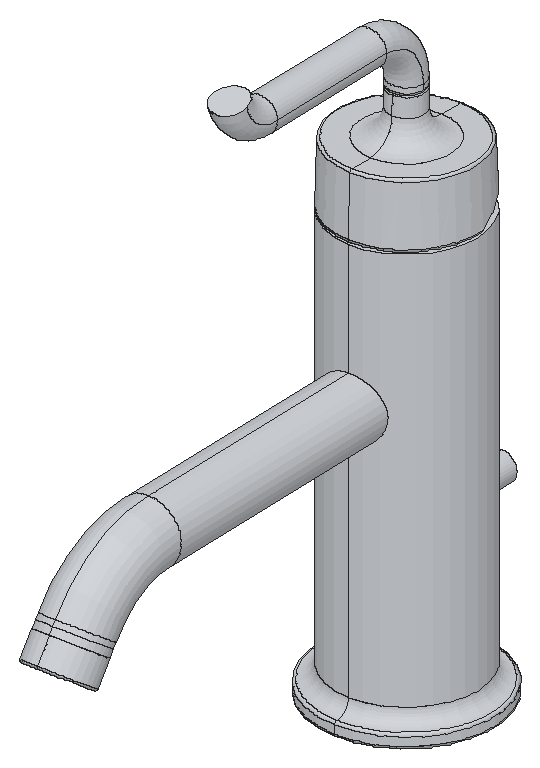
Revit family "Faucet-Lavatory-KOHLER-PURIST-14402W_1", category Plumbing Fixtures, host Face, Revit 2017
Family settings
  Host = Face
  Round Connector Dimension = Use Diameter
  Part Type = Normal
  OmniClass Number = 23.31.11.00
  OmniClass Title = Faucets
  Cut with Voids When Loaded = No
  Shared = No
  Room Calculation Point = No
Parameters (values of type "Smile Handle, CP- Polished Chrome")
  Width = 2 31/128"  # constant formula
  WaterSense Certified = 1 = 0  # no
  Waste Water Outlet = "Waste Water Outlet"  # constant formula
  Waste Connection = 1 = 0  # no
  Vent Connection = 1 = 0  # no
  URL = "https://www.kohler.co.uk/"
  Type = 1
  Straight Lever Handle = Type = 2  # no
  Spout Reach = 5 121/256"  # constant formula
  Smile Lever Handle = Type = 1  # yes
  Product Page URL = "https://www.kohler.co.uk/taps/deck-mount/purist-single-lever-monobloc-basin-mixer-smile-handle/"
  Product Name = "PURIST\r\n"  # constant formula
  Product Documentation Link = ""
  Pressure = 45.00 psi  # constant formula
  Model = if(Type = 1, "14402W-4-CP", if(Type = 2, "14402W-4A-CP", "NA"))  # "14402W-4-CP"
  Material = "Premium Metal Construction"  # constant formula
  Master Format 2014 Name = "Residential Faucets, Supplies, and Trim"  # constant formula
  Master Format 2014 = "22 41 39"  # constant formula
  Manufacturer Address = "Cromwell Road, Cheltenham, Gloucestershire. GL52 5EP Registered in England No. 252115"  # constant formula
  Manufacturer = "KOHLER Co."  # constant formula
  Length = Spout Reach  # 5 121/256"
  Hot Water Inlet = "Hot Water Inlet"  # constant formula
  Height = if(Type = 1, 7.95276", 7.75591")  # 7.95276"
  Handle Clearance = 2 127/128"  # constant formula
  HW Connection = 1 = 1  # yes
  Flow Rate = 1.84 GPM  # constant formula
  Finish = Kohler-Metal-CP-Polished_Chrome
  Environmental Product Declaration = ""
  Drain Included = 1 = 1  # yes
  Description = "Single-lever monobloc basin mixer, smile handle"  # constant formula
  Default Elevation = 36"
  Declare Label = ""
  Date Modified = "03/12/2021"  # constant formula
  Date Created = "03/12/2021"  # constant formula
  Copyright = "Copyright KOHLER Co."  # constant formula
  Contact Us = "https://www.kohler.co.uk/support/contact/"
  Cold Water Inlet = "Cold Water Inlet"  # constant formula
  CW Connection = 1 = 1  # yes
  Assembly Code = "D2010"
  ADA Compliant = 1 = 0  # no
Types (3): name | Type | Straight Lever Handle | Smile Lever Handle | Product Page URL | Model | Height
  (no name) | 1 | no | yes | "https://www.kohler.co.uk/taps/deck-mount/purist-single-lever-monobloc-basin-mixer-smile-handle/" | "14402W-4-CP" | 7.95276"
  Smile Handle, CP- Polished Chrome | 1 | no | yes | "https://www.kohler.co.uk/taps/deck-mount/purist-single-lever-monobloc-basin-mixer-smile-handle/" | "14402W-4-CP" | 7.95276"
  Straight Handle, CP- Polished Chrome | 2 | yes | no | "https://www.kohler.co.uk/taps/deck-mount/purist-single-lever-monobloc-basin-mixer-straight-handle/" | "14402W-4A-CP" | 7.75591"
Reference planes (in)
  plane 1 "Center (Front/Back)": y = 0
  plane 2: z = 0
  plane 3 "Center (Left/Right)": x = 0
  plane 4: y = -5.82677
  plane 5: x = 1.12205
  plane 6: y = 1.49606
  plane 7: x = 0.90551
  plane 8: y = -1.12205
  plane 9: y = -0.90551
  plane 10: y = 1.12205
  plane 11: x = -1.12014
  plane 12: x = -0.90551
  plane 13: z = 2.09153
  plane 14: y = -5.47266
  plane 15: z = 2.59843
  plane 16: z = 7.95276
  plane 17: y = -3.26772
  plane 18: y = -2.99219
  plane 19: y = 0.90551
Dimensions and locks (in)
  plane 15 to level = 2.59843"  (x2)
  plane 13 to level = 2.09153"
  plane 6 to plane 1 "Center (Front/Back)" = 1.49606"
  "Spout Reach": plane 1 "Center (Front/Back)" to plane 14
  "Width": plane 11 to plane 5
  plane 10 to plane 9 = 2.02756"
  "Length": plane 14 to plane 1 "Center (Front/Back)"
  "Height": plane 16 to level
  plane 5 to plane 11 = 2 31/128"
  "Handle Clearance": plane 1 "Center (Front/Back)" to plane 18
  aligned and locked: plane 2 to host face
  aligned and locked: level to host face
Automatic sketch dimensions
  host sketch curve to host sketch curve = 96"  (x2)
Nested families (in)
  nested 1: "14402W" at (0, 0, 0), type "14402W"
Connectors (in)
  piping at (-0.41339, 0, 0), diameter 0.5, driven by "Flow Rate", driven by "Pressure", driven by "HW Connection", driven by "Hot Water Inlet"
    settings: on nested 1, index 1, connector inside diameter 24", connector length 0", flow factor 0, pipe flow 1.84 GPM, pressure drop 45.00 psi, fitting loss kfactor 0, connector angle 0.00°, fixture units 0, engagement length 0", angle of deflection 0.00°, flow configuration 1, flow direction 1, fitting loss method 4, system type 19, joint type 0, gender type 0, connector reference index -1, connector utility 1, adjustable connector no, is connector primary yes, connector description "Hot Water Inlet"
  piping at (0.41339, 0, 0), diameter 0.5, driven by "Flow Rate", driven by "Pressure", driven by "CW Connection", driven by "Cold Water Inlet"
    settings: on nested 1, index 2, connector inside diameter 24", connector length 0", flow factor 0, pipe flow 1.84 GPM, pressure drop 45.00 psi, fitting loss kfactor 0, connector angle 0.00°, fixture units 0, engagement length 0", angle of deflection 0.00°, flow configuration 1, flow direction 1, fitting loss method 4, system type 20, joint type 0, gender type 0, connector reference index -1, connector utility 1, adjustable connector no, is connector primary no, connector description "Cold Water Inlet"
Definition of nested family "14402W"
  Parameters (values of type "14402W")
    Straight Lever Handle = yes
    Smile Lever Handle = yes
    Material = none
  Reference planes (in)
    plane 1 "Center (Front/Back)": y = 0
    plane 2: z = 0
    plane 3 "Center (Left/Right)": x = 0
    plane 4: x = -0.90551
    plane 5: x = -1.12205
    plane 6: x = 0.90551
    plane 7: x = 1.12205
    plane 8: y = -5.47244
    plane 9: z = 2.59843
    plane 10: y = -5.82677
    plane 11: y = 1.49606
    plane 12: z = 2.09153
    plane 13: y = -0.90551
    plane 14: y = -1.12205
    plane 15: y = 0.90551
    plane 16: y = 1.12205
    plane 17: z = 7.95276
    plane 18: z = 7.75591
    plane 19: y = -3.26772
    plane 20: y = -2.99213
  Forms (in)
    Revolve 1, solid, material <- "Material", detail levels medium+fine
      sketch origin (0, 0, 0) x (0, 1, 0) y (0, 0, 1)
        loop
          arc (1.12205, 0.14022) -> (1.11216, 0.1639) -> (1.08838, 0.17353) r 0.03332
          arc (1.08838, 0.17353) -> (0.95919, 0.22585) -> (0.90551, 0.35448) r 0.18095
          line (0.90551, 0.35448) -> (0.90551, 5.455) -> (0.76192, 5.455)
          arc (0.76192, 5.455) -> (0.72889, 5.46868) -> (0.71521, 5.50171) r 0.04671
          line (0.71521, 5.50171) -> (0.71521, 5.95924) -> (0, 5.95924) -> (0, 0) -> (1.08873, 0)
          arc (1.08873, 0) -> (1.11229, 0.00976) -> (1.12205, 0.03332) r 0.03332
          line (1.12205, 0.03332) -> (1.12205, 0.14022)
        axis (0, 0) -> (0, 5.95924)
      angle from 0 to 360
    Revolve 2, solid, material <- "Material", detail levels medium+fine
      sketch origin (0, 0, 0) x (0, 1, 0) y (0, 0, 1)
        loop
          line (-0.558, 6.28131) -> (-0.85303, 6.28131)
          arc (-0.85303, 6.28131) -> (-0.87314, 6.27317) -> (-0.88191, 6.25333) r 0.02889
          line (-0.88191, 6.25333) -> (-0.90552, 5.50497)
          arc (-0.90552, 5.50497) -> (-0.89777, 5.48495) -> (-0.87801, 5.47658) r 0.02752
          line (-0.87801, 5.47658) -> (0, 5.47658) -> (0, 6.87634) -> (-0.21882, 6.87634)
          arc (-0.21882, 6.87634) -> (-0.21307, 6.86211) -> (-0.19887, 6.85624) r 0.01983
          arc (-0.19887, 6.85624) -> (-0.21344, 6.85026) -> (-0.21976, 6.83571) r 0.02102
          line (-0.21976, 6.83571) -> (-0.22503, 6.60672)
          arc (-0.22503, 6.60672) -> (-0.32521, 6.37617) -> (-0.558, 6.28131) r 0.33306
        axis (0, 5.47658) -> (0, 6.87634)
      angle from 0 to 360
    Sweep 3, solid, material <- "Material", visible <- "Smile Lever Handle"
      path origin (0, 0, 0) x (0, 1, 0) y (0, 0, 1)
        loop
          line (0, 6.87634) -> (0, 6.94723)
          arc (0, 6.94723) -> (-0.1727, 7.36417) -> (-0.58964, 7.53687) r 0.58964
          line (-0.58964, 7.53687) -> (-2.30268, 7.53687)
          arc (-2.30268, 7.53687) -> (-2.6012, 7.63568) -> (-2.78181, 7.89309) r 0.50034
      profile origin (0, 0, 6.91179) x (0, -1, 0) y (1, 0, 0)
        loop
          circle (0, 0) r 0.21882
    Revolve 4, solid, material <- "Material", detail levels medium+fine
      sketch origin (0, 0, 0) x (0, 1, 0) y (0, 0, 1)
        loop
          line (-5.47244, 2.59843) -> (-5.2744, 2.88126) -> (-5.60838, 3.11512) -> (-5.79459, 2.84919)
          arc (-5.79459, 2.84919) -> (-5.79801, 2.83377) -> (-5.78952, 2.82045) r 0.02064
          line (-5.78952, 2.82045) -> (-5.47244, 2.59843)
        axis (-5.47244, 2.59843) -> (-5.2744, 2.88126)
      angle from 0 to 360
    Revolve 5, solid, material <- "Material", detail levels medium+fine
      sketch origin (0, 0, 0) x (0, 1, 0) y (0, 0, 1)
        loop
          line (-5.55094, 3.1933) -> (-5.60368, 3.11799) -> (-5.57003, 3.09443) -> (-5.56436, 3.06228) -> (-5.28474, 2.86649) -> (-5.21877, 2.96071) -> (-5.55094, 3.1933)
        axis (-5.28474, 2.86649) -> (-5.21877, 2.96071)
      angle from 0 to 360
    Sweep 6, solid, material <- "Material", detail levels medium+fine
      path origin (0, 0, 0) x (0, 1, 0) y (0, 0, 1)
        loop
          line (-5.21877, 2.96071) -> (-5.1787, 3.01793)
          arc (-5.1787, 3.01793) -> (-4.68622, 3.44982) -> (-4.04995, 3.60552) r 1.37795
          line (-4.04995, 3.60552) -> (-0.51186, 3.60552)
      profile origin (0, -4.04995, 3.60552) x (0, 0, 1) y (1, 0, 0)
        loop
          circle (0, 0) r 0.40551
    Revolve 7, solid, material <- "Material"
      sketch origin (0, 0, 0) x (0, 1, 0) y (0, 0, 1)
        loop
          line (1.49606, 1.90403) -> (1.49606, 2.09153) -> (0.15671, 2.09153) -> (0.15671, 1.90403) -> (1.49606, 1.90403)
        axis (1.49606, 1.90403) -> (0.15671, 1.90403)
      angle from 0 to 360
    Revolve 8, solid, material <- "Material", detail levels medium+fine
      sketch origin (0, 0, 0) x (0, 1, 0) y (0, 0, 1)
        loop
          arc (0.9155, 6.0557) -> (0.91157, 6.13141) -> (0.89936, 6.20622) r 0.69023
          arc (0.89936, 6.20622) -> (0.89157, 6.21968) -> (0.87743, 6.22617) r 0.02566
          arc (0.87743, 6.22617) -> (0.86156, 6.2213) -> (0.8546, 6.20622) r 0.02035
          line (0.8546, 6.20622) -> (0.8546, 6.0557) -> (0.9155, 6.0557)
        axis (0.9155, 6.0557) -> (0.8546, 6.0557)
      angle from 0 to 360
    Extrusion 9, void
      sketch origin (0, 0, 0) x (0, 1, 0) y (0, 0, 1)
        loop
          line (0.86993, 5.76606) -> (0.67872, 5.76606)
          arc (0.67872, 5.76606) -> (0.65729, 5.76383) -> (0.63677, 5.75723) r 0.10404
          line (0.63677, 5.75723) -> (-0.01993, 5.46784) -> (1.01625, 5.46784) -> (1.01625, 5.86011) -> (0.91095, 5.86011) -> (0.90128, 5.79321)
          arc (0.90128, 5.79321) -> (0.89066, 5.77379) -> (0.86993, 5.76606) r 0.03168
      from -1.28886 to 1.40577
    Extrusion 10, void
      sketch origin (0, 0, 0) x (1, 0, 0) y (0, 0, 1)
        loop
          line (0.203, 1.4526) -> (0.203, 3.17055)
          arc (0.203, 3.17055) -> (0, 3.37355) -> (-0.203, 3.17055) r 0.203
          line (-0.203, 3.17055) -> (-0.203, 1.4526)
          arc (-0.203, 1.4526) -> (0, 1.2496) -> (0.203, 1.4526) r 0.203
      from -1.0799 to -0.21
    Revolve 11, solid, material <- "Material", detail levels coarse
      sketch origin (0, 0, 0) x (0, 1, 0) y (0, 0, 1)
        loop
          line (0, 0) -> (1.13844, 0) -> (1.13844, 0.18835) -> (0.92559, 0.18835) -> (0.92559, 6.29886) -> (0.6939, 6.29886)
          arc (0.6939, 6.29886) -> (0.35797, 6.43801) -> (0.21882, 6.77394) r 0.47508
          line (0.21882, 6.77394) -> (0.21882, 6.87634) -> (0, 6.87634) -> (0, 0)
        axis (0, 0) -> (0, 6.87634)
      angle from 0 to 360
    Sweep 12, solid, material <- "Material", detail levels coarse
      path origin (0, 0, 0) x (0, 1, 0) y (0, 0, 1)
        loop
          line (-5.47831, 2.59005) -> (-5.1787, 3.01793)
          arc (-5.1787, 3.01793) -> (-4.68622, 3.44982) -> (-4.04995, 3.60552) r 1.37795
          line (-4.04995, 3.60552) -> (-0.51186, 3.60552)
      profile origin (0, -4.04995, 3.60552) x (0, 0, 1) y (1, 0, 0)
        loop
          circle (0, 0) r 0.4252
    Extrusion 13, solid, material <- "Material", detail levels medium+fine
      sketch origin (0, 0, 0) x (1, 0, 0) y (0, 1, 0)
        loop
          circle (-0.41339, 0) r 0.07874
        loop
          circle (0.41339, 0) r 0.07874
      from 0 to 0.05961
    Sweep 14, solid, material <- "Material", visible <- "Straight Lever Handle"
      path origin (0, 0, 0) x (0, 1, 0) y (0, 0, 1)
        loop
          line (0, 6.87634) -> (0, 6.94723)
          arc (0, 6.94723) -> (-0.1727, 7.36417) -> (-0.58964, 7.53687) r 0.58964
          line (-0.58964, 7.53687) -> (-3.26772, 7.53687)
      profile origin (0, 0, 6.94723) x (1, 0, 0) y (0, 1, 0)
        loop
          circle (0, 0) r 0.21882
  Cuts and joins
    joined: Revolve 5, Sweep 6
    Extrusion 9 cuts Revolve 2
    Extrusion 10 cuts Revolve 1
    joined: Revolve 11, Sweep 12
  Lines and regions (in)
    Masking region 1
      outline origin (0, 0, 0) x (0, 1, 0) y (0, 0, 1)
        loop
          line (-1.08931, 0) -> (1.08931, 0)
          arc (1.08931, 0) -> (1.11246, 0.00959) -> (1.12205, 0.03274) r 0.03274
          line (1.12205, 0.03274) -> (1.12205, 0.14097)
          arc (1.12205, 0.14097) -> (1.11219, 0.16456) -> (1.08849, 0.17413) r 0.03316
          arc (1.08849, 0.17413) -> (0.95738, 0.22815) -> (0.90551, 0.36014) r 0.1809
          line (0.90551, 0.36014) -> (0.90551, 1.24948)
          spline (0.90551, 1.24948) -> (0.90534, 1.25121) -> (0.90476, 1.2564) -> (0.90379, 1.26494) -> (0.90246, 1.27669) -> (0.90079, 1.29145) -> (0.8988, 1.30897) -> (0.89653, 1.32894) -> (0.89402, 1.35103) -> (0.89131, 1.37486) -> (0.88845, 1.40002) -> (0.88548, 1.42609) -> (0.88246, 1.4526)
          line (0.88246, 1.4526) -> (0.88246, 1.71653) -> (1.49606, 1.71653) -> (1.49606, 2.09153) -> (0.88246, 2.09153) -> (0.88246, 3.17055)
          spline (0.88246, 3.17055) -> (0.88541, 3.19643) -> (0.88831, 3.22189) -> (0.89111, 3.24651) -> (0.89377, 3.26988) -> (0.89624, 3.29165) -> (0.89849, 3.31143) -> (0.90048, 3.32892) -> (0.90217, 3.34384) -> (0.90353, 3.35592) -> (0.90456, 3.36499) -> (0.90522, 3.37089) -> (0.90551, 3.37353)
          line (0.90551, 3.37353) -> (0.90551, 5.455) -> (0.76316, 5.455)
          arc (0.76316, 5.455) -> (0.72864, 5.4693) -> (0.71434, 5.50382) r 0.04882
          line (0.71434, 5.50382) -> (0.71434, 5.76606) -> (0.86993, 5.76606)
          arc (0.86993, 5.76606) -> (0.8853, 5.77004) -> (0.89681, 5.78098) r 0.03168
          line (0.89681, 5.78098) -> (0.89341, 5.88914)
          arc (0.89341, 5.88914) -> (0.8983, 5.90643) -> (0.90226, 5.92397) r 0.33486
          arc (0.90226, 5.92397) -> (0.9051, 5.93925) -> (0.9076, 5.95459) r 0.70151
          arc (0.9076, 5.95459) -> (0.91556, 6.05978) -> (0.90766, 6.16498) r 0.70151
          arc (0.90766, 6.16498) -> (0.90471, 6.18286) -> (0.90128, 6.20065) r 0.68446
          arc (0.90128, 6.20065) -> (0.89477, 6.2147) -> (0.88268, 6.22437) r 0.03382
          line (0.88268, 6.22437) -> (0.88268, 6.25519)
          arc (0.88268, 6.25519) -> (0.87485, 6.27409) -> (0.85595, 6.28192) r 0.02673
          line (0.85595, 6.28192) -> (0.56009, 6.28192)
          arc (0.56009, 6.28192) -> (0.32582, 6.37741) -> (0.22505, 6.60946) r 0.33512
          line (0.22505, 6.60946) -> (0.21993, 6.836)
          arc (0.21993, 6.836) -> (0.21364, 6.85041) -> (0.19905, 6.85625) r 0.02071
          line (0.19905, 6.85625) -> (-0.19905, 6.85625)
          arc (-0.19905, 6.85625) -> (-0.21364, 6.85041) -> (-0.21993, 6.836) r 0.02071
          line (-0.21993, 6.836) -> (-0.22505, 6.60946)
          arc (-0.22505, 6.60946) -> (-0.32582, 6.37741) -> (-0.56009, 6.28192) r 0.33512
          line (-0.56009, 6.28192) -> (-0.85315, 6.28192)
          arc (-0.85315, 6.28192) -> (-0.8739, 6.27351) -> (-0.88295, 6.25303) r 0.02982
          line (-0.88295, 6.25303) -> (-0.90628, 5.50435)
          arc (-0.90628, 5.50435) -> (-0.89872, 5.48481) -> (-0.87941, 5.47664) r 0.02688
          line (-0.87941, 5.47664) -> (-0.72257, 5.47664) -> (-0.7572, 5.455) -> (-0.90551, 5.455) -> (-0.90551, 4.0107) -> (-4.05881, 4.0107)
          arc (-4.05881, 4.0107) -> (-4.89957, 3.80497) -> (-5.55033, 3.23426) r 1.8208
          line (-5.55033, 3.23426) -> (-5.63174, 3.11799) -> (-5.59683, 3.08737) -> (-5.63645, 3.11512) -> (-5.82313, 2.84852)
          arc (-5.82313, 2.84852) -> (-5.82641, 2.83371) -> (-5.81826, 2.82092) r 0.01982
          line (-5.81826, 2.82092) -> (-5.18275, 2.37593)
          arc (-5.18275, 2.37593) -> (-5.16795, 2.37265) -> (-5.15516, 2.3808) r 0.01982
          line (-5.15516, 2.3808) -> (-4.96848, 2.6474) -> (-5.0081, 2.67514) -> (-4.96739, 2.65281) -> (-4.90544, 2.74129)
          arc (-4.90544, 2.74129) -> (-4.52209, 3.07747) -> (-4.02682, 3.19866) r 1.07259
          line (-4.02682, 3.19866) -> (-0.90551, 3.19866) -> (-0.90551, 0.36014)
          arc (-0.90551, 0.36014) -> (-0.95738, 0.22815) -> (-1.08849, 0.17413) r 0.1809
          arc (-1.08849, 0.17413) -> (-1.11219, 0.16456) -> (-1.12205, 0.14097) r 0.03316
          line (-1.12205, 0.14097) -> (-1.12205, 0.03274)
          arc (-1.12205, 0.03274) -> (-1.11246, 0.00959) -> (-1.08931, 0) r 0.03274
    Masking region 2
      outline origin (0, 0, 0) x (1, 0, 0) y (0, 0, 1)
        loop
          arc (1.08893, 0) -> (1.11235, 0.0097) -> (1.12205, 0.03312) r 0.03312
          line (1.12205, 0.03312) -> (1.12205, 0.13729)
          arc (1.12205, 0.13729) -> (1.11174, 0.16266) -> (1.08666, 0.17364) r 0.03636
          arc (1.08666, 0.17364) -> (0.962, 0.22604) -> (0.90551, 0.34891) r 0.1865
          line (0.90551, 0.34891) -> (0.90551, 5.455) -> (0.76141, 5.455)
          arc (0.76141, 5.455) -> (0.74096, 5.46083) -> (0.72667, 5.47658) r 0.03875
          line (0.72667, 5.47658) -> (0.87879, 5.47658)
          arc (0.87879, 5.47658) -> (0.89822, 5.48481) -> (0.90582, 5.50448) r 0.02704
          line (0.90582, 5.50448) -> (0.88207, 6.25065)
          arc (0.88207, 6.25065) -> (0.87229, 6.27273) -> (0.84991, 6.2818) r 0.03217
          line (0.84991, 6.2818) -> (0.565, 6.2818)
          arc (0.565, 6.2818) -> (0.32591, 6.3796) -> (0.22391, 6.61692) r 0.34114
          line (0.22391, 6.61692) -> (0.22006, 6.8349)
          arc (0.22006, 6.8349) -> (0.21371, 6.84988) -> (0.19874, 6.85624) r 0.02173
          line (0.19874, 6.85624) -> (-0.19874, 6.85624)
          arc (-0.19874, 6.85624) -> (-0.21371, 6.84988) -> (-0.22006, 6.8349) r 0.02173
          line (-0.22006, 6.8349) -> (-0.22391, 6.61692)
          arc (-0.22391, 6.61692) -> (-0.32591, 6.3796) -> (-0.565, 6.2818) r 0.34114
          line (-0.565, 6.2818) -> (-0.84991, 6.2818)
          arc (-0.84991, 6.2818) -> (-0.87229, 6.27273) -> (-0.88207, 6.25065) r 0.03217
          line (-0.88207, 6.25065) -> (-0.90582, 5.50448)
          arc (-0.90582, 5.50448) -> (-0.89822, 5.48481) -> (-0.87879, 5.47658) r 0.02704
          line (-0.87879, 5.47658) -> (-0.72667, 5.47658)
          arc (-0.72667, 5.47658) -> (-0.74096, 5.46083) -> (-0.76141, 5.455) r 0.03875
          line (-0.76141, 5.455) -> (-0.90551, 5.455) -> (-0.90551, 0.34891)
          arc (-0.90551, 0.34891) -> (-0.962, 0.22604) -> (-1.08666, 0.17364) r 0.1865
          arc (-1.08666, 0.17364) -> (-1.11174, 0.16266) -> (-1.12205, 0.13729) r 0.03636
          line (-1.12205, 0.13729) -> (-1.12205, 0.03312)
          arc (-1.12205, 0.03312) -> (-1.11235, 0.0097) -> (-1.08893, 0) r 0.03312
          line (-1.08893, 0) -> (1.08893, 0)
    Masking region 3
      outline origin (0, 0, 0) x (1, 0, 0) y (0, 1, 0)
        loop
          line (-0.1875, 1.49606) -> (-0.1875, 1.10627)
          arc (-0.1875, 1.10627) -> (-1.11632, 0.11319) -> (-0.40573, -1.04612) r 1.12205
          line (-0.40573, -1.04612) -> (-0.40573, -5.49622)
          arc (-0.40573, -5.49622) -> (-0.36716, -5.64364) -> (-0.26133, -5.75328) r 0.301
          arc (-0.26133, -5.75328) -> (0, -5.82661) -> (0.26133, -5.75328) r 0.50232
          arc (0.26133, -5.75328) -> (0.36716, -5.64364) -> (0.40573, -5.49622) r 0.301
          line (0.40573, -5.49622) -> (0.40573, -1.04612)
          arc (0.40573, -1.04612) -> (1.11632, 0.11319) -> (0.1875, 1.10627) r 1.12205
          line (0.1875, 1.10627) -> (0.1875, 1.49606) -> (-0.1875, 1.49606)
    Masking region 4, visible <- "Smile Lever Handle"
      outline origin (0, 0, 0) x (0, 1, 0) y (0, 0, 1)
        loop
          line (0.21882, 6.87642) -> (0.21882, 6.95327)
          arc (0.21882, 6.95327) -> (-0.01626, 7.52082) -> (-0.58381, 7.75591) r 0.80264
          line (-0.58381, 7.75591) -> (-2.30193, 7.75591)
          arc (-2.30193, 7.75591) -> (-2.46893, 7.81056) -> (-2.57131, 7.95336) r 0.28248
          line (-2.57131, 7.95336) -> (-2.99215, 7.83269)
          arc (-2.99215, 7.83269) -> (-2.73636, 7.46094) -> (-2.30841, 7.31783) r 0.71144
          line (-2.30841, 7.31783) -> (-0.59188, 7.31783)
          arc (-0.59188, 7.31783) -> (-0.32809, 7.20857) -> (-0.21882, 6.94477) r 0.37306
          line (-0.21882, 6.94477) -> (-0.21882, 6.87642)
          arc (-0.21882, 6.87642) -> (-0.21305, 6.86229) -> (-0.19905, 6.85625) r 0.02017
          line (-0.19905, 6.85625) -> (0.19905, 6.85625)
          arc (0.19905, 6.85625) -> (0.21305, 6.86229) -> (0.21882, 6.87642) r 0.02017
    Masking region 5, visible <- "Straight Lever Handle"
      outline origin (0, 0, 0) x (0, 1, 0) y (0, 0, 1)
        loop
          line (0.21882, 6.87642) -> (0.21882, 6.95327)
          arc (0.21882, 6.95327) -> (-0.01626, 7.52082) -> (-0.58381, 7.75591) r 0.80264
          line (-0.58381, 7.75591) -> (-3.26772, 7.75591) -> (-3.26772, 7.31783) -> (-0.59188, 7.31783)
          arc (-0.59188, 7.31783) -> (-0.32809, 7.20857) -> (-0.21882, 6.94477) r 0.37306
          line (-0.21882, 6.94477) -> (-0.21882, 6.87642)
          arc (-0.21882, 6.87642) -> (-0.21305, 6.86229) -> (-0.19905, 6.85625) r 0.02017
          line (-0.19905, 6.85625) -> (0.19905, 6.85625)
          arc (0.19905, 6.85625) -> (0.21305, 6.86229) -> (0.21882, 6.87642) r 0.02017
    Masking region 6, visible <- "Smile Lever Handle"
      outline origin (0, 0, 0) x (1, 0, 0) y (0, 0, 1)
        loop
          arc (-0.21882, 6.87634) -> (-0.21294, 6.86213) -> (-0.19872, 6.85624) r 0.0201
          line (-0.19872, 6.85624) -> (0.19872, 6.85624)
          arc (0.19872, 6.85624) -> (0.21294, 6.86213) -> (0.21882, 6.87634) r 0.0201
          line (0.21882, 6.87634) -> (0.21882, 7.8944)
          spline (0.21882, 7.8944) -> (0.21137, 7.90968) -> (0.18951, 7.92393) -> (0.15473, 7.93616) -> (0.10941, 7.94555) -> (0.05663, 7.95144) -> (-0.00003, 7.95342) -> (-0.05665, 7.95144) -> (-0.10933, 7.94553) -> (-0.15467, 7.93615) -> (-0.18952, 7.92393) -> (-0.21136, 7.90969) -> (-0.21882, 7.8944)
          line (-0.21882, 7.8944) -> (-0.21882, 6.87634)
    Masking region 7, visible <- "Straight Lever Handle"
      outline origin (0, 0, 0) x (1, 0, 0) y (0, 0, 1)
        loop
          arc (-0.21882, 6.87634) -> (-0.21294, 6.86213) -> (-0.19872, 6.85624) r 0.0201
          line (-0.19872, 6.85624) -> (0.19872, 6.85624)
          arc (0.19872, 6.85624) -> (0.21294, 6.86213) -> (0.21882, 6.87634) r 0.0201
          line (0.21882, 6.87634) -> (0.21882, 7.53687)
          arc (0.21882, 7.53687) -> (0, 7.75569) -> (-0.21882, 7.53687) r 0.21882
          line (-0.21882, 7.53687) -> (-0.21882, 6.87634)
    symbolic lines, visible <- "Smile Lever Handle", detail levels medium+fine
      curve 1: spline (0.21882, -2.78234, 0) -> (0.21137, -2.72781, 0) -> (0.18951, -2.67699, 0) -> (0.15473, -2.63335, 0) -> (0.10941, -2.59987, 0) -> (0.05664, -2.57882, 0) -> (0, -2.57164, 0) -> (-0.05664, -2.57882, 0) -> (-0.10941, -2.59987, 0) -> (-0.15473, -2.63335, 0) -> (-0.18951, -2.67699, 0) -> (-0.21137, -2.72781, 0) -> (-0.21882, -2.78234, 0)
      curve 2: spline (-0.21882, -2.78234, 0) -> (-0.21137, -2.83687, 0) -> (-0.18951, -2.88769, 0) -> (-0.15473, -2.93133, 0) -> (-0.10941, -2.96481, 0) -> (-0.05664, -2.98586, 0) -> (0, -2.99304, 0) -> (0.05664, -2.98586, 0) -> (0.10941, -2.96481, 0) -> (0.15473, -2.93133, 0) -> (0.18951, -2.88769, 0) -> (0.21137, -2.83687, 0) -> (0.21882, -2.78234, 0)
      curve 75: spline (-0.21882, 0, 7.89309) -> (-0.21137, 0, 7.87677) -> (-0.18951, 0, 7.86157) -> (-0.15473, 0, 7.84852) -> (-0.10941, 0, 7.8385) -> (-0.05664, 0, 7.8322) -> (0, 0, 7.83005) -> (0.05664, 0, 7.8322) -> (0.10941, 0, 7.8385) -> (0.15473, 0, 7.84852) -> (0.18951, 0, 7.86157) -> (0.21137, 0, 7.87677) -> (0.21882, 0, 7.89309)
    symbolic lines, detail levels medium+fine
      curve 3: line (-0.21882, -2.79676, 0) -> (-0.21882, 0, 0)
      curve 4: arc (-0.21882, 0, 0) -> (0, 0.21882, 0) -> (0.21882, 0, 0) r 0.21882
      curve 5: line (0.21882, -2.79676, 0) -> (0.21882, 0, 0)
      curve 6: arc (0.21882, -0.87765, 0) -> (0.90412, 0.02671, 0) -> (0.16664, 0.88904, 0) r 0.90452
      curve 7: line (-0.1875, 1.10627, 0) -> (-0.1875, 0.88487, 0)
      curve 8: arc (-0.16664, 0.88904, 0) -> (-0.90412, 0.02671, 0) -> (-0.21882, -0.87765, 0) r 0.90452
      curve 9: arc (-0.17191, 0.86409, 0) -> (-0.16845, 0.88638, 0) -> (-0.15027, 0.89975, 0) r 0.02957
      curve 10: arc (0.17191, 0.86409, 0) -> (0.16845, 0.88638, 0) -> (0.15027, 0.89975, 0) r 0.02957
      curve 11: arc (-0.15027, 0.89975, 0) -> (0, 0.91806, 0) -> (0.15027, 0.89975, 0) r 0.62574
      curve 12: arc (0.21882, -0.32729, 0) -> (0, 0.3937, 0) -> (-0.21882, -0.32729, 0) r 0.3937
      curve 13: arc (0.21882, -0.50474, 0) -> (0, 0.55013, 0) -> (-0.21882, -0.50474, 0) r 0.55013
      curve 14: arc (0.21882, -0.85341, 0) -> (0, 0.88102, 0) -> (-0.21882, -0.85341, 0) r 0.88102
      curve 15: line (-0.40573, -1.04612, 0) -> (-0.40573, -0.80841, 0)
      curve 16: line (0.40573, -1.04612, 0) -> (0.40573, -0.80841, 0)
      curve 17: line (0.1875, 1.10627, 0) -> (0.1875, 0.88487, 0)
      curve 18: spline (-0.40772, -5.2744, 0) -> (-0.39383, -5.36084, 0) -> (-0.3531, -5.44139, 0) -> (-0.2883, -5.51056, 0) -> (-0.20386, -5.56364, 0) -> (-0.10553, -5.597, 0) -> (0, -5.60838, 0) -> (0.10553, -5.597, 0) -> (0.20386, -5.56364, 0) -> (0.2883, -5.51056, 0) -> (0.3531, -5.44139, 0) -> (0.39383, -5.36084, 0) -> (0.40772, -5.2744, 0)
      curve 19: spline (0.40551, -5.2715, 0) -> (0.39169, -5.35747, 0) -> (0.35118, -5.43759, 0) -> (0.28674, -5.50638, 0) -> (0.20276, -5.55917, 0) -> (0.10495, -5.59236, 0) -> (0, -5.60368, 0) -> (-0.10495, -5.59236, 0) -> (-0.20276, -5.55917, 0) -> (-0.28674, -5.50638, 0) -> (-0.35118, -5.43759, 0) -> (-0.39169, -5.35747, 0) -> (-0.40551, -5.2715, 0)
      curve 20: line (-0.19874, 0, 6.85624) -> (0.19874, 0, 6.85624)
      curve 21: line (-0.21882, 0, 6.87634) -> (0.21882, 0, 6.87634)
      curve 22: line (-0.22006, 0, 6.8349) -> (0.22006, 0, 6.8349)
      curve 23: line (-0.565, 0, 6.2818) -> (0.565, 0, 6.2818)
      curve 24: line (-0.72667, 0, 5.47658) -> (0.72667, 0, 5.47658)
      curve 25: line (-0.76141, 0, 5.455) -> (0.76141, 0, 5.455)
      curve 26: spline (-0.40595, 0, 2.90304) -> (-0.38444, 0, 2.95915) -> (-0.33974, 0, 3.01055) -> (-0.27455, 0, 3.05415) -> (-0.19278, 0, 3.08732) -> (-0.09939, 0, 3.10806) -> (0, 0, 3.11512) -> (0.09939, 0, 3.10806) -> (0.19278, 0, 3.08732) -> (0.27455, 0, 3.05415) -> (0.33974, 0, 3.01055) -> (0.38444, 0, 2.95915) -> (0.40595, 0, 2.90304)
      curve 27: line (-0.40595, 0, 3.61581) -> (-0.40595, 0, 2.59843)
      curve 28: line (0.40595, 0, 3.61581) -> (0.40595, 0, 2.59843)
      curve 29: arc (-0.40595, 0, 2.59843) -> (-0.39969, 0, 2.56164) -> (-0.38163, 0, 2.52899) r 0.11127
      curve 30: arc (0.40595, 0, 2.59843) -> (0.39772, 0, 2.55214) -> (0.37404, 0, 2.51153) r 0.13427
      curve 31: arc (-0.25779, 0, 2.42792) -> (-0.00038, 0, 2.36946) -> (0.25703, 0, 2.42792) r 0.59594
      curve 32: arc (0.37404, 0, 2.51153) -> (0.32071, 0, 2.46248) -> (0.25703, 0, 2.42792) r 0.29471
      curve 33: arc (-0.38163, 0, 2.52899) -> (-0.32509, 0, 2.47185) -> (-0.25779, 0, 2.42792) r 0.37914
      curve 34: spline (0.40551, 0, 2.8854) -> (0.39169, 0, 2.9456) -> (0.35118, 0, 3.0017) -> (0.28674, 0, 3.04987) -> (0.20276, 0, 3.08683) -> (0.10495, 0, 3.11007) -> (0, 0, 3.11799) -> (-0.10495, 0, 3.11007) -> (-0.20276, 0, 3.08683) -> (-0.28674, 0, 3.04987) -> (-0.35118, 0, 3.0017) -> (-0.39169, 0, 2.9456) -> (-0.40551, 0, 2.8854)
      curve 35: arc (0.40595, 0, 3.61581) -> (0, 0, 4.02176) -> (-0.40595, 0, 3.61581) r 0.40595
      curve 36: arc (-0.33282, 0, 2.74542) -> (-0.00296, 0, 2.84564) -> (0.32749, 0, 2.74739) r 0.59882
      curve 37: arc (-0.40595, 0, 2.59843) -> (-0.38902, 0, 2.68169) -> (-0.33282, 0, 2.74542) r 0.16458
      curve 38: arc (0.32749, 0, 2.74739) -> (0.38594, 0, 2.68303) -> (0.40595, 0, 2.59843) r 0.174
      curve 39: arc (-0.3029, 0, 2.73578) -> (0.00128, 0, 2.81777) -> (0.30547, 0, 2.73578) r 0.60525
      curve 40: arc (-0.39969, 0, 2.56164) -> (-0.37525, 0, 2.66202) -> (-0.3029, 0, 2.73578) r 0.19476
      curve 41: arc (0.30547, 0, 2.73578) -> (0.38372, 0, 2.6371) -> (0.37404, 0, 2.51153) r 0.17248
      curve 42: line (-1.08666, 0, 0.17364) -> (1.08666, 0, 0.17364)
      curve 43: line (-1.12205, 0, 0.13729) -> (1.12205, 0, 0.13729)
      curve 44: line (-1.12205, 0, 0.03312) -> (1.12205, 0, 0.03312)
      curve 45: line (-0.90551, 0, 0.34891) -> (0.90551, 0, 0.34891)
      curve 46: line (-0.22391, 0, 6.61692) -> (0.22391, 0, 6.61692)
      curve 47: line (0, 0.63677, 5.75723) -> (0, -0.00008, 5.47658)
      curve 48: line (0, 0.67872, 5.76606) -> (0, 0.71572, 5.76606)
      curve 49: arc (0, 0.67872, 5.76606) -> (0, 0.65729, 5.76383) -> (0, 0.63677, 5.75723) r 0.10404
      curve 50: line (0, 0.75162, 5.455) -> (0, -0.7572, 5.455)
      curve 51: line (0, -0.00008, 5.47658) -> (0, -0.72611, 5.47658)
      curve 52: line (0, -0.90628, 5.50435) -> (0, 0.06294, 5.50435)
      curve 53: line (0, 0.56009, 6.28192) -> (0, -0.56009, 6.28192)
      curve 54: arc (0, 0.89341, 5.88914) -> (0, 0.86446, 6.056) -> (0, 0.88268, 6.22437) r 0.60764
      curve 55: arc (0, 0.90128, 6.20065) -> (0, 0.88466, 6.06225) -> (0, 0.90226, 5.92397) r 0.56789
      curve 56: line (0, 0.21882, 6.87634) -> (0, -0.21882, 6.87634)
      curve 57: line (0, 0.21993, 6.836) -> (0, -0.21993, 6.836)
      curve 58: line (0, 0.88246, 2.09153) -> (0, 0.88246, 1.69783)
      curve 59: line (0, 0.90551, 0.36014) -> (0, -0.90551, 0.36014)
      curve 60: line (0, 1.08849, 0.17413) -> (0, -1.08418, 0.17413)
      curve 61: line (0, 1.12205, 0.14097) -> (0, -1.12205, 0.14097)
      curve 62: line (0, 1.12205, 0.03274) -> (0, -1.12205, 0.03274)
      curve 63: arc (0, -0.90551, 4.0107) -> (0, -0.80008, 3.60468) -> (0, -0.90551, 3.19866) r 0.83447
      curve 64: line (0, -5.63174, 3.11799) -> (0, -4.96739, 2.65281)
      curve 65: line (0, -5.0081, 2.67514) -> (0, -5.59683, 3.08737)
      curve 66: line (0, -5.82313, 2.84852) -> (0, -5.15516, 2.3808)
      curve 67: line (0, 0.88268, 6.25519) -> (0, -0.88288, 6.25519)
      curve 68: line (-0.88207, 0, 6.25065) -> (0.88207, 0, 6.25065)
      curve 69: arc (-0.1875, 1.04007, 0) -> (-1.0507, 0.11374, 0) -> (-0.40573, -0.97585, 0) r 1.05684
      curve 70: arc (0.1875, 1.04007, 0) -> (1.0507, 0.11374, 0) -> (0.40573, -0.97585, 0) r 1.05684
      curve 71: line (0, 0.19905, 6.85625) -> (0, -0.19905, 6.85625)
      curve 76: arc (0.21882, 0, 7.53687) -> (0, 0, 7.31805) -> (-0.21882, 0, 7.53687) r 0.21882
    symbolic lines, visible <- "Straight Lever Handle", detail levels medium+fine
      curve 72: line (-0.21882, -2.79676, 0) -> (-0.21882, -3.26772, 0)
      curve 73: line (-0.21882, -3.26772, 0) -> (0.21882, -3.26772, 0)
      curve 74: line (0.21882, -3.26772, 0) -> (0.21882, -2.79676, 0)
  Dimensions and locks (in)
    aligned and locked: plane 2 to level
